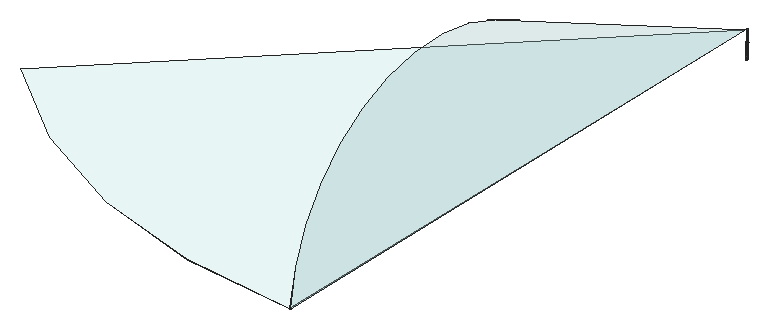
Revit family "Rotor 5000 Series - 5012+PCSAMR", category Acessórios do tubo, Revit 2020
Family settings
  Cota do conector redondo = Utilizar diâmetro
  Tipo de parte = Normal
  Número OmniClass = 23.60.30.11.14
  Título OmniClass = Pipework Fittings
  Com base no plano de trabalho = Não
  Sempre na vertical = Sim
  Corte com vazios quando carregada = Não
  Compartilhado = Não
Parameters (values of type "Rain Curtain 6.0")
  Water = Water
  URL = "https://www.rainbird.com/"
  TABLE 65 = "TABLE 65psi"
  TABLE 55 75 = "TABLE 55 75psi"
  TABLE 55 = "TABLE 55psi"
  TABLE 45 = "TABLE 45psi"
  TABLE 35 = "TABLE 35psi"
  TABLE 25 = "TABLE 25psi"
  SupportProjetos: Reviw Date = ""  # constant formula
  SupportProjetos: Reviw = "R00"  # constant formula
  SupportProjetos: Level of Detail = "LOD 300"  # constant formula
  SupportProjetos: Developed = "MICHEL SOARES MOTA"  # constant formula
  SupportProjetos: Creation Date = "07/08/2020"  # constant formula
  Side inlet = no
  Rotation Water Visibility [instance] = Pop up on  # yes
  Rotation Angle [instance] = 45.00°
  RainBird: Product Link = "https://www.rainbird.com/"
  RainBird: Description = "5012+PC-SAM-R Rotor "  # constant formula
  RainBird: Comment [instance] = ""
  RainBird: Code = "Y66050"  # constant formula
  Radius [instance] = if(and(Pressure = 25.0 psi, Instance < 25 ft), size_lookup(TABLE 25, "Radius", 0 ft, Instance), if(and(Pressure = 35.0 psi, Instance < 25 ft), size_lookup(TABLE 35, "Radius", 0 ft, Instance), if(and(Pressure = 45.0 psi, Instance < 25 ft), size_lookup(TABLE 45, "Radius", 0 ft, Instance), if(and(Pressure = 55.0 psi, Instance < 13 ft), size_lookup(TABLE 55, "Radius", 0 ft, Instance), if(and(Pressure = 65.0 psi, Instance < 13 ft), size_lookup(TABLE 65, "Radius", 0 ft, Instance), if(and(Pressure > 55.0 psi, Instance > 13 ft), size_lookup(TABLE 55 75, "Radius", 0 ft, Instance), 0 ft))))))  # 50 ft
  RT = 0.009893 ft
  RN = 0.032808 ft
  R5 = 0.03937 ft
  R4 = 0.04101 ft
  R3 = 0.065617 ft
  R2 = 0.075407 ft
  R1 = 0.032808 ft
  Pressure [instance] = 55.0 psi
  Pop up height = 1.001 ft  # constant formula
  Pop up on [instance] = yes
  Modelo = "5012+PCSAMR"  # constant formula
  Instance = 7 ft
  H1 = Body height / 3  # 0.469 ft
  Flow [instance] = if(and(Pressure = 25.0 psi, Instance < 25 ft), size_lookup(TABLE 25, "Flow", 0.0 GPM, Instance), if(and(Pressure = 35.0 psi, Instance < 25 ft), size_lookup(TABLE 35, "Flow", 0.0 GPM, Instance), if(and(Pressure = 45.0 psi, Instance < 25 ft), size_lookup(TABLE 45, "Flow", 0.0 GPM, Instance), if(and(Pressure = 55.0 psi, Instance < 13 ft), size_lookup(TABLE 55, "Flow", 0.0 GPM, Instance), if(and(Pressure = 65.0 psi, Instance < 13 ft), size_lookup(TABLE 65, "Flow", 0.0 GPM, Instance), if(and(Pressure > 55.0 psi, Instance > 13 ft), size_lookup(TABLE 55 75, "Flow", 0.0 GPM, Instance), 0.0 GPM))))))  # 6.63 GPM
  Fabricante = "Rain Bird"
  Elevação padrão = 0 ft
  Description = RainBird: Description  # "5012+PC-SAM-R Rotor "
  DD13 = 0.002625 ft
  DD12 = 0.003937 ft
  DD11 = 0.009897 ft
  DD10 = 0.016404 ft
  DD8 [instance] = if(Pop up on, Pop up height, 0 ft)  # 1.001 ft
  DD7 = 0.019685 ft
  DD6 [instance] = 0.016404 ft
  DD5 = 0.065617 ft
  DD4 = 0.032808 ft
  DD3 = 0.091048 ft
  DD2 [instance] = 0.024514 ft
  DD9 [instance] = if(Pop up on, Pop up height + 0.049541 ft, 0 ft)  # 1.050541 ft
  DD1 = 0.006562 ft
  Conection = 0.062664 ft  # constant formula
  Body height = 1.407 ft  # constant formula
  Blue = Blue Plastic
  Black Plastic = Black Plastic
  Angle = 25.00°
Types (25, lengths in ft): name | Rotation Angle | Radius | Pressure | Instance | Flow
  (no name) | 45.00° | 50 | 55.0 psi | 7 | 6.63 GPM
  Rain Curtain 1.5 | 180.00° | 33 | 25.0 psi | 1 | 1.12 GPM
  Rain Curtain 2.0 | 180.00° | 35 | 25.0 psi | 2 | 1.5 GPM
  Rain Curtain 3.0 | 180.00° | 36 | 25.0 psi | 4 | 2.26 GPM
  Rain Curtain 4.0 | 180.00° | 36 | 25.0 psi | 5 | 2.91 GPM
  Rain Curtain 5.0 | 180.00° | 37 | 25.0 psi | 6 | 3.72 GPM
  Rain Curtain 6.0 | 45.00° | 50 | 55.0 psi | 7 | 6.63 GPM
  Rain Curtain 8.0 | 180.00° | 33 | 25.0 psi | 8 | 5.9 GPM
  Rain Curtain 2.5 | 180.00° | 35 | 25.0 psi | 3 | 1.81 GPM
  1.0 LA | 180.00° | 25 | 25.0 psi | 9 | 0.76 GPM
  1.5 LA | 180.00° | 27 | 25.0 psi | 10 | 1.15 GPM
  2.0 LA | 180.00° | 29 | 25.0 psi | 11 | 1.47 GPM
  3.0 LA | 180.00° | 29 | 25.0 psi | 12 | 2.23 GPM
  PRS Rain Curtain 1.5 | 180.00° | 33 | 25.0 psi | 13 | 1.12 GPM
  PRS Rain Curtain 2.0 | 180.00° | 35 | 25.0 psi | 14 | 1.5 GPM
  PRS Rain Curtain 2.5 | 180.00° | 35 | 25.0 psi | 15 | 1.81 GPM
  PRS Rain Curtain 3.0 | 180.00° | 36 | 25.0 psi | 16 | 2.26 GPM
  PRS Rain Curtain 4.0 | 180.00° | 36 | 25.0 psi | 17 | 2.91 GPM
  PRS Rain Curtain 5.0 | 180.00° | 37 | 25.0 psi | 18 | 3.72 GPM
  PRS Rain Curtain 6.0 | 180.00° | 37 | 25.0 psi | 19 | 4.25 GPM
  PRS Rain Curtain 8.0 | 180.00° | 33 | 25.0 psi | 20 | 5.9 GPM
  PRS 1.0 LA | 180.00° | 25 | 25.0 psi | 21 | 0.76 GPM
  PRS 1.5 LA | 180.00° | 27 | 25.0 psi | 22 | 1.15 GPM
  PRS 2.0 LA | 180.00° | 29 | 25.0 psi | 23 | 1.47 GPM
  PRS 3.0 LA | 180.00° | 29 | 25.0 psi | 24 | 2.23 GPM
Reference planes (ft)
  plane 1 "Centro (Frente/Trás)": y = 0
  plane 2: z = 0
  plane 3 "Centro (Esquerda/Direita)": x = 0
  plane 4: z = 0.003937
  plane 5: z = 0.002625
  plane 6: y = -0.065617
Forms (ft)
  Revolve 1, solid, material "Black Plastic" <- "Black Plastic"
    sketch origin (0, 0, 0) x (1, 0, 0) y (0, 0, 1)
      loop
        line (0.075407, -0.091048) -> (0.075407, -0.035324)
        arc (0.075407, -0.035324) -> (0.072509, -0.028329) -> (0.065514, -0.025431) r 0.009893
        line (0.065514, -0.025431) -> (0.046098, -0.025431) -> (0.046098, 0) -> (0.03937, 0) -> (0.03937, -1.001) -> (0.019685, -1.001) -> (0.019685, -1.400438) -> (0.032808, -1.400438) -> (0.032808, -1.407) -> (0.04101, -1.407) -> (0.04101, -1.400438) -> (0.055724, -1.400438)
        arc (0.055724, -1.400438) -> (0.062719, -1.397541) -> (0.065617, -1.390545) r 0.009893
        line (0.065617, -1.390545) -> (0.065617, -0.091048) -> (0.075407, -0.091048)
      axis (0, -1.407) -> (0, 0)
    angle from 0 to 360
  Extrusion 2, solid, material "Black Plastic" <- "Black Plastic"
    sketch origin (0, 0, 0) x (1, 0, 0) y (0, 1, 0)
      loop
        circle (0, 0) r 0.032808
    from -1.001 to 1.001
  Extrusion 3, void
    sketch origin (0, 0, 0) x (1, 0, 0) y (0, 1, 0)
      loop
        circle (0, 0) r 0.022844
    from -1.001 to 1.001
  Revolve 4, solid, material "Black Plastic" <- "Black Plastic"
    sketch origin (0, 0, 0) x (1, 0, 0) y (0, 0, 1)
      loop
        line (0, 1.001) -> (0.037004, 1.001) -> (0.037004, 1.010897)
        arc (0.037004, 1.010897) -> (0.01879, 1.01579) -> (0, 1.017404) r 0.10685
        line (0, 1.017404) -> (0, 1.001)
      axis (0, 1.001) -> (0, 1.017404)
    angle from 0 to 360
  Extrusion 5, solid, material "Blue Plastic" <- "Blue"
    sketch origin (0, 0, 0) x (1, 0, 0) y (0, 0, 1)
      loop
        circle (0, 0.976486) r 0.009129
      loop
        circle (0, 0.976486) r 0.004793
    from 0 to 0.034386
  Extrusion 6, void
    sketch origin (0, 0, 0) x (1, 0, 0) y (0, 0, 1)
      loop
        line (-0.02074, 0.328055) -> (-0.02074, 0.282426) -> (0.020672, 0.282426) -> (0.020672, 0.328055) -> (-0.02074, 0.328055)
      loop
        line (-0.018439, 0.325179) -> (-0.018439, 0.285685) -> (0.018179, 0.285685) -> (0.018179, 0.325179) -> (-0.018439, 0.325179)
    from 0.024556 to 0.06931
  Extrusion 7, solid, material "Black Plastic" <- "Black Plastic"
    sketch origin (0, 0, 0) x (1, 0, 0) y (0, 0, 1)
      loop
        line (0.046098, 0) -> (0.046098, -0.036876) -> (0.073493, -0.036876) -> (0.046098, 0)
    from -0.002998 to 0.002998
  Extrusion 8, solid, material "Black Plastic" <- "Black Plastic"
    sketch origin (0, 0, 0) x (-1, 0, 0) y (0, 0, -1)
      loop
        line (0.046098, 0) -> (0.073493, 0.036876) -> (0.046098, 0.036876) -> (0.046098, 0)
    from -0.002998 to 0.002998
  Extrusion 9, solid, material "Black Plastic" <- "Black Plastic"
    sketch origin (0, 0, 0) x (0.866025, 0.5, 0) y (0, 0, 1)
      loop
        line (0.046098, 0) -> (0.046098, -0.036876) -> (0.073493, -0.036876) -> (0.046098, 0)
    from -0.002998 to 0.002998
  Extrusion 10, solid, material "Black Plastic" <- "Black Plastic"
    sketch origin (0, 0, 0) x (-0.866025, -0.5, 0) y (0, 0, -1)
      loop
        line (0.046098, 0) -> (0.073493, 0.036876) -> (0.046098, 0.036876) -> (0.046098, 0)
    from -0.002998 to 0.002998
  Extrusion 11, solid, material "Black Plastic" <- "Black Plastic"
    sketch origin (0, 0, 0) x (0, 1, 0) y (0, 0, 1)
      loop
        line (0.046098, 0) -> (0.046098, -0.036876) -> (0.073493, -0.036876) -> (0.046098, 0)
    from -0.002998 to 0.002998
  Extrusion 12, solid, material "Black Plastic" <- "Black Plastic"
    sketch origin (0, 0, 0) x (0, -1, 0) y (0, 0, -1)
      loop
        line (0.046098, 0) -> (0.073493, 0.036876) -> (0.046098, 0.036876) -> (0.046098, 0)
    from -0.002998 to 0.002998
  Extrusion 13, solid, material "Black Plastic" <- "Black Plastic"
    sketch origin (0, 0, 0) x (0.5, 0.866025, 0) y (0, 0, 1)
      loop
        line (0.046098, 0) -> (0.046098, -0.036876) -> (0.073493, -0.036876) -> (0.046098, 0)
    from -0.002998 to 0.002998
  Extrusion 14, solid, material "Black Plastic" <- "Black Plastic"
    sketch origin (0, 0, 0) x (-0.5, -0.866025, 0) y (0, 0, -1)
      loop
        line (0.046098, 0) -> (0.073493, 0.036876) -> (0.046098, 0.036876) -> (0.046098, 0)
    from -0.002998 to 0.002998
  Extrusion 15, solid, material "Black Plastic" <- "Black Plastic"
    sketch origin (0, 0, 0) x (-0.5, 0.866025, 0) y (0, 0, 1)
      loop
        line (0.046098, 0) -> (0.046098, -0.036876) -> (0.073493, -0.036876) -> (0.046098, 0)
    from -0.002998 to 0.002998
  Extrusion 16, solid, material "Black Plastic" <- "Black Plastic"
    sketch origin (0, 0, 0) x (0.5, -0.866025, 0) y (0, 0, -1)
      loop
        line (0.046098, 0) -> (0.073493, 0.036876) -> (0.046098, 0.036876) -> (0.046098, 0)
    from -0.002998 to 0.002998
  Extrusion 17, solid, material "Black Plastic" <- "Black Plastic"
    sketch origin (0, 0, 0) x (-0.866025, 0.5, 0) y (0, 0, 1)
      loop
        line (0.046098, 0) -> (0.046098, -0.036876) -> (0.073493, -0.036876) -> (0.046098, 0)
    from -0.002998 to 0.002998
  Extrusion 18, solid, material "Black Plastic" <- "Black Plastic"
    sketch origin (0, 0, 0) x (0.866025, -0.5, 0) y (0, 0, -1)
      loop
        line (0.046098, 0) -> (0.073493, 0.036876) -> (0.046098, 0.036876) -> (0.046098, 0)
    from -0.002998 to 0.002998
  Extrusion 19, void
    sketch origin (0, 0, 0) x (1, 0, 0) y (0, 1, 0)
      loop
        line (-0.002998, 0.077702) -> (-0.002998, 0.071655) -> (0.002998, 0.071655) -> (0.002998, 0.077702) -> (-0.002998, 0.077702)
    from -0.091048 to 0.82021
  Extrusion 20, void
    sketch origin (0, 0, 0) x (1, 0, 0) y (0, 1, 0)
      loop
        line (0.002998, -0.077702) -> (0.002998, -0.071655) -> (-0.002998, -0.071655) -> (-0.002998, -0.077702) -> (0.002998, -0.077702)
    from -0.091048 to 0.82021
  Extrusion 21, void
    sketch origin (0, 0, 0) x (0.965926, 0.258819, 0) y (-0.258819, 0.965926, 0)
      loop
        line (-0.002998, 0.077702) -> (-0.002998, 0.071655) -> (0.002998, 0.071655) -> (0.002998, 0.077702) -> (-0.002998, 0.077702)
    from -0.091048 to 0.82021
  Extrusion 22, void
    sketch origin (0, 0, 0) x (0.965926, 0.258819, 0) y (-0.258819, 0.965926, 0)
      loop
        line (0.002998, -0.077702) -> (0.002998, -0.071655) -> (-0.002998, -0.071655) -> (-0.002998, -0.077702) -> (0.002998, -0.077702)
    from -0.091048 to 0.82021
  Extrusion 23, void
    sketch origin (0, 0, 0) x (0.866025, 0.5, 0) y (-0.5, 0.866025, 0)
      loop
        line (-0.002998, 0.077702) -> (-0.002998, 0.071655) -> (0.002998, 0.071655) -> (0.002998, 0.077702) -> (-0.002998, 0.077702)
    from -0.091048 to 0.82021
  Extrusion 24, void
    sketch origin (0, 0, 0) x (0.866025, 0.5, 0) y (-0.5, 0.866025, 0)
      loop
        line (0.002998, -0.077702) -> (0.002998, -0.071655) -> (-0.002998, -0.071655) -> (-0.002998, -0.077702) -> (0.002998, -0.077702)
    from -0.091048 to 0.82021
  Extrusion 25, void
    sketch origin (0, 0, 0) x (0.5, 0.866025, 0) y (-0.866025, 0.5, 0)
      loop
        line (-0.002998, 0.077702) -> (-0.002998, 0.071655) -> (0.002998, 0.071655) -> (0.002998, 0.077702) -> (-0.002998, 0.077702)
    from -0.091048 to 0.82021
  Extrusion 26, void
    sketch origin (0, 0, 0) x (0.5, 0.866025, 0) y (-0.866025, 0.5, 0)
      loop
        line (0.002998, -0.077702) -> (0.002998, -0.071655) -> (-0.002998, -0.071655) -> (-0.002998, -0.077702) -> (0.002998, -0.077702)
    from -0.091048 to 0.82021
  Extrusion 27, void
    sketch origin (0, 0, 0) x (0.707107, 0.707107, 0) y (-0.707107, 0.707107, 0)
      loop
        line (-0.002998, 0.077702) -> (-0.002998, 0.071655) -> (0.002998, 0.071655) -> (0.002998, 0.077702) -> (-0.002998, 0.077702)
    from -0.091048 to 0.82021
  Extrusion 28, void
    sketch origin (0, 0, 0) x (0.707107, 0.707107, 0) y (-0.707107, 0.707107, 0)
      loop
        line (0.002998, -0.077702) -> (0.002998, -0.071655) -> (-0.002998, -0.071655) -> (-0.002998, -0.077702) -> (0.002998, -0.077702)
    from -0.091048 to 0.82021
  Extrusion 29, void
    sketch origin (0, 0, 0) x (0.258819, 0.965926, 0) y (-0.965926, 0.258819, 0)
      loop
        line (-0.002998, 0.077702) -> (-0.002998, 0.071655) -> (0.002998, 0.071655) -> (0.002998, 0.077702) -> (-0.002998, 0.077702)
    from -0.091048 to 0.82021
  Extrusion 30, void
    sketch origin (0, 0, 0) x (0.258819, 0.965926, 0) y (-0.965926, 0.258819, 0)
      loop
        line (0.002998, -0.077702) -> (0.002998, -0.071655) -> (-0.002998, -0.071655) -> (-0.002998, -0.077702) -> (0.002998, -0.077702)
    from -0.091048 to 0.82021
  Extrusion 31, void
    sketch origin (0, 0, 0) x (0, 1, 0) y (-1, 0, 0)
      loop
        line (-0.002998, 0.077702) -> (-0.002998, 0.071655) -> (0.002998, 0.071655) -> (0.002998, 0.077702) -> (-0.002998, 0.077702)
    from -0.091048 to 0.82021
  Extrusion 32, void
    sketch origin (0, 0, 0) x (0, 1, 0) y (-1, 0, 0)
      loop
        line (0.002998, -0.077702) -> (0.002998, -0.071655) -> (-0.002998, -0.071655) -> (-0.002998, -0.077702) -> (0.002998, -0.077702)
    from -0.091048 to 0.82021
  Extrusion 33, void
    sketch origin (0, 0, 0) x (-0.258819, 0.965926, 0) y (-0.965926, -0.258819, 0)
      loop
        line (-0.002998, 0.077702) -> (-0.002998, 0.071655) -> (0.002998, 0.071655) -> (0.002998, 0.077702) -> (-0.002998, 0.077702)
    from -0.091048 to 0.82021
  Extrusion 34, void
    sketch origin (0, 0, 0) x (-0.258819, 0.965926, 0) y (-0.965926, -0.258819, 0)
      loop
        line (0.002998, -0.077702) -> (0.002998, -0.071655) -> (-0.002998, -0.071655) -> (-0.002998, -0.077702) -> (0.002998, -0.077702)
    from -0.091048 to 0.82021
  Extrusion 35, void
    sketch origin (0, 0, 0) x (-0.5, 0.866025, 0) y (-0.866025, -0.5, 0)
      loop
        line (-0.002998, 0.077702) -> (-0.002998, 0.071655) -> (0.002998, 0.071655) -> (0.002998, 0.077702) -> (-0.002998, 0.077702)
    from -0.091048 to 0.82021
  Extrusion 36, void
    sketch origin (0, 0, 0) x (-0.5, 0.866025, 0) y (-0.866025, -0.5, 0)
      loop
        line (0.002998, -0.077702) -> (0.002998, -0.071655) -> (-0.002998, -0.071655) -> (-0.002998, -0.077702) -> (0.002998, -0.077702)
    from -0.091048 to 0.82021
  Extrusion 37, void
    sketch origin (0, 0, 0) x (-0.707107, 0.707107, 0) y (-0.707107, -0.707107, 0)
      loop
        line (-0.002998, 0.077702) -> (-0.002998, 0.071655) -> (0.002998, 0.071655) -> (0.002998, 0.077702) -> (-0.002998, 0.077702)
    from -0.091048 to 0.82021
  Extrusion 38, void
    sketch origin (0, 0, 0) x (-0.707107, 0.707107, 0) y (-0.707107, -0.707107, 0)
      loop
        line (0.002998, -0.077702) -> (0.002998, -0.071655) -> (-0.002998, -0.071655) -> (-0.002998, -0.077702) -> (0.002998, -0.077702)
    from -0.091048 to 0.82021
  Extrusion 39, void
    sketch origin (0, 0, 0) x (-0.866025, 0.5, 0) y (-0.5, -0.866025, 0)
      loop
        line (-0.002998, 0.077702) -> (-0.002998, 0.071655) -> (0.002998, 0.071655) -> (0.002998, 0.077702) -> (-0.002998, 0.077702)
    from -0.091048 to 0.82021
  Extrusion 40, void
    sketch origin (0, 0, 0) x (-0.866025, 0.5, 0) y (-0.5, -0.866025, 0)
      loop
        line (0.002998, -0.077702) -> (0.002998, -0.071655) -> (-0.002998, -0.071655) -> (-0.002998, -0.077702) -> (0.002998, -0.077702)
    from -0.091048 to 0.82021
  Extrusion 41, void
    sketch origin (0, 0, 0) x (-0.965926, 0.258819, 0) y (-0.258819, -0.965926, 0)
      loop
        line (-0.002998, 0.077702) -> (-0.002998, 0.071655) -> (0.002998, 0.071655) -> (0.002998, 0.077702) -> (-0.002998, 0.077702)
    from -0.091048 to 0.82021
  Extrusion 42, void
    sketch origin (0, 0, 0) x (-0.965926, 0.258819, 0) y (-0.258819, -0.965926, 0)
      loop
        line (0.002998, -0.077702) -> (0.002998, -0.071655) -> (-0.002998, -0.071655) -> (-0.002998, -0.077702) -> (0.002998, -0.077702)
    from -0.091048 to 0.82021
  Extrusion 43, solid, material "Water" <- "Water", visible <- "Rotation Water Visibility"
    sketch origin (0, 0, 0) x (0, 1, 0) y (0, 0, 1)
      loop
        line (-0.032808, 0.976486) -> (-27.537562, 13.802163)
        arc (-27.537562, 13.802163) -> (-42.101455, 13.205804) -> (-50.032808, 0.976486) r 15.866188
        line (-50.032808, 0.976486) -> (-0.032808, 0.976486)
    from -0.008202 to 0.008202
Cuts and joins
  Extrusion 3, Extrusion 6 cuts Extrusion 2
  Extrusion 19, Extrusion 20, Extrusion 21, Extrusion 22, Extrusion 23, Extrusion 24, Extrusion 25, Extrusion 26, Extrusion 27, Extrusion 28, Extrusion 29, Extrusion 30, Extrusion 31, Extrusion 32, Extrusion 33, Extrusion 34, Extrusion 35, Extrusion 36, Extrusion 37, Extrusion 38, Extrusion 39, Extrusion 40, Extrusion 41, Extrusion 42 cuts Revolve 1
Dimensions and locks (ft)
  "Body height": level to Revolve 1 sketch curve
  "R2": Revolve 1 sketch curve to plane 3 "Centro (Esquerda/Direita)"
  "DD1": Revolve 1 sketch curve to Revolve 1 sketch curve
  "DD3": level to Revolve 1 sketch curve
  Revolve 1 sketch curve to plane 3 "Centro (Esquerda/Direita)" = 0.065617 ft
  "R4": Revolve 1 sketch curve to plane 3 "Centro (Esquerda/Direita)"
  "RN": Revolve 1 sketch curve to plane 3 "Centro (Esquerda/Direita)"
  "Pop up height": level to Revolve 1 sketch curve
  "R5": plane 3 "Centro (Esquerda/Direita)" to Revolve 1 sketch curve
  "DD7": Revolve 1 sketch curve to plane 3 "Centro (Esquerda/Direita)"
  "DD8": Extrusion 2 to level
  "DD12": plane 4 to level
  "DD13": plane 5 to level
  "R3": plane 6 to plane 1 "Centro (Frente/Trás)"
  "DD5": Revolve 1 sketch curve to Revolve 1 sketch curve
  "DD10": Revolve 4 sketch curve to Revolve 4 sketch curve
  "DD11": Revolve 4 sketch curve to Revolve 4 sketch curve
  "DD2": Revolve 4 to Extrusion 5 sketch curve  (x2)
  Extrusion 7 to plane 3 "Centro (Esquerda/Direita)" = 0.046098 ft
  equal spacing: Extrusion 7, plane 1 "Centro (Frente/Trás)", Extrusion 7
  Extrusion 8 to Extrusion 8 = 0.005995 ft
  Extrusion 9 to Extrusion 9 = 0.005995 ft
  Extrusion 20 sketch curve to Extrusion 20 sketch curve = 0.005995 ft
  Extrusion 22 sketch curve to Extrusion 22 sketch curve = 0.005995 ft
  Extrusion 24 sketch curve to Extrusion 24 sketch curve = 0.005995 ft
  Extrusion 26 sketch curve to Extrusion 26 sketch curve = 0.005995 ft
  Extrusion 28 sketch curve to Extrusion 28 sketch curve = 0.005995 ft
  Extrusion 30 sketch curve to Extrusion 30 sketch curve = 0.005995 ft
  Extrusion 32 sketch curve to Extrusion 32 sketch curve = 0.005995 ft
  Extrusion 34 sketch curve to Extrusion 34 sketch curve = 0.005995 ft
  Extrusion 36 sketch curve to Extrusion 36 sketch curve = 0.005995 ft
  Extrusion 38 sketch curve to Extrusion 38 sketch curve = 0.005995 ft
  Extrusion 40 sketch curve to Extrusion 40 sketch curve = 0.005995 ft
  Extrusion 42 sketch curve to Extrusion 42 sketch curve = 0.005995 ft
  "DD4": plane 1 "Centro (Frente/Trás)" to Extrusion 43 sketch curve
  "DD2": Revolve 4 to Extrusion 43 sketch curve
  "Radius": Extrusion 43 sketch curve to Extrusion 43 sketch curve
  equal spacing: Extrusion 43, plane 3 "Centro (Esquerda/Direita)", Extrusion 43
  "DD6": Extrusion 43 to Extrusion 43
  "DD2": Revolve 4 to nested 1
  "RT": radius of Revolve 1 sketch curve  (x2)
  "R1": radius of Extrusion 2 sketch curve
  "Angle": angle Extrusion 43 sketch curve to Extrusion 43 sketch curve
  aligned and locked: level to plane 2
  aligned and locked: Revolve 1 sketch curve to Revolve 1 sketch curve
  aligned and locked: Extrusion 2 to Revolve 1
  aligned and locked: cut or joined group of Extrusion 2, Extrusion 3, Extrusion 6 to cut or joined group of Extrusion 2, Extrusion 3, Extrusion 6  (x2)
  aligned and locked: Revolve 4 sketch curve to cut or joined group of Extrusion 2, Extrusion 3, Extrusion 6
  aligned and locked: Extrusion 20 to Revolve 1
  aligned and locked: Extrusion 22 to Revolve 1
  aligned and locked: Extrusion 24 to Revolve 1
  aligned and locked: Extrusion 28 to Revolve 1
  aligned and locked: Extrusion 26 to Revolve 1
  aligned and locked: Extrusion 30 to Revolve 1
  aligned and locked: Extrusion 32 to Revolve 1
  aligned and locked: Extrusion 34 to Revolve 1
  aligned and locked: Revolve 1 to Extrusion 36
  aligned and locked: Revolve 1 to Extrusion 38
  aligned and locked: Extrusion 41 to Revolve 1
  aligned and locked: Extrusion 39 to Revolve 1
  aligned and locked: Extrusion 37 to Revolve 1
  aligned and locked: Extrusion 35 to Revolve 1
  aligned and locked: Extrusion 33 to Revolve 1
  aligned and locked: Extrusion 31 to Revolve 1
  aligned and locked: Extrusion 29 to Revolve 1
  aligned and locked: Revolve 1 to Extrusion 25
  aligned and locked: Revolve 1 to Extrusion 27
  aligned and locked: Revolve 1 to Extrusion 19
  aligned and locked: Revolve 1 to Extrusion 21
  aligned and locked: Revolve 1 to Extrusion 42
  aligned and locked: Revolve 1 to Extrusion 40
  aligned and locked: Revolve 1 to Extrusion 23
Automatic sketch dimensions
  plane 1 "Centro (Frente/Trás)" to Extrusion 2 sketch curve = 0 ft
  Extrusion 2 sketch curve to plane 3 "Centro (Esquerda/Direita)" = 0 ft
  plane 1 "Centro (Frente/Trás)" to Extrusion 3 sketch curve = 0 ft
  Extrusion 3 sketch curve to plane 3 "Centro (Esquerda/Direita)" = 0 ft
  Revolve 4 sketch curve to plane 3 "Centro (Esquerda/Direita)" = 0 ft  (x2)
  plane 3 "Centro (Esquerda/Direita)" to Revolve 4 sketch curve = 0.000284 ft
  plane 3 "Centro (Esquerda/Direita)" to Revolve 4 sketch curve = 0.037004 ft
  Revolve 4 sketch curve to Revolve 4 sketch curve = 0.015719 ft
  Revolve 4 sketch curve to Revolve 4 sketch curve = 0.114829 ft
  Extrusion 5 sketch curve to Extrusion 5 sketch curve = 0 ft
  Extrusion 5 sketch curve to plane 3 "Centro (Esquerda/Direita)" = 0 ft
  Extrusion 6 sketch curve to plane 3 "Centro (Esquerda/Direita)" = 0.02074 ft
  Extrusion 6 sketch curve to Extrusion 6 sketch curve = 0.002301 ft
  plane 3 "Centro (Esquerda/Direita)" to Extrusion 6 sketch curve = 0.018179 ft
  Extrusion 6 sketch curve to Extrusion 6 sketch curve = 0.002492 ft
  plane 4 to Extrusion 6 sketch curve = 0.278489 ft
  Extrusion 6 sketch curve to Extrusion 6 sketch curve = 0.003259 ft
  Extrusion 6 sketch curve to Extrusion 6 sketch curve = 0.039494 ft
  Extrusion 6 sketch curve to Extrusion 6 sketch curve = 0.002876 ft
  Extrusion 7 sketch curve to level = 0 ft
  plane 3 "Centro (Esquerda/Direita)" to Extrusion 7 sketch curve = 0.046098 ft
  Extrusion 7 sketch curve to Extrusion 7 sketch curve = 0.027396 ft
  Extrusion 7 sketch curve to Extrusion 7 sketch curve = 0.036876 ft
  Extrusion 8 sketch curve to level = 0 ft
  plane 3 "Centro (Esquerda/Direita)" to Extrusion 8 sketch curve = 0.046098 ft
  Extrusion 8 sketch curve to Extrusion 8 sketch curve = 0.027396 ft
  Extrusion 8 sketch curve to Extrusion 8 sketch curve = 0.036876 ft
  Extrusion 9 sketch curve to level = 0 ft
  Extrusion 9 sketch curve to level = 0.036876 ft
  Extrusion 9 sketch curve to Extrusion 9 sketch curve = 0.027396 ft
  Extrusion 10 sketch curve to level = 0 ft
  Extrusion 10 sketch curve to level = 0.036876 ft
  Extrusion 10 sketch curve to Extrusion 10 sketch curve = 0.027396 ft
  Extrusion 11 sketch curve to level = 0 ft
  Extrusion 11 sketch curve to plane 1 "Centro (Frente/Trás)" = 0.046098 ft
  Extrusion 11 sketch curve to Extrusion 11 sketch curve = 0.027396 ft
  Extrusion 11 sketch curve to Extrusion 11 sketch curve = 0.036876 ft
  Extrusion 12 sketch curve to level = 0 ft
  plane 6 to Extrusion 12 sketch curve = 0.019519 ft
  Extrusion 12 sketch curve to plane 6 = 0.007877 ft
  Extrusion 12 sketch curve to level = 0.036876 ft
  Extrusion 13 sketch curve to level = 0 ft
  Extrusion 13 sketch curve to level = 0.036876 ft
  Extrusion 13 sketch curve to Extrusion 13 sketch curve = 0.027396 ft
  Extrusion 14 sketch curve to level = 0 ft
  Extrusion 14 sketch curve to level = 0.036876 ft
  Extrusion 14 sketch curve to Extrusion 14 sketch curve = 0.027396 ft
  level to Extrusion 15 sketch curve = 0 ft
  Extrusion 15 sketch curve to level = 0.036876 ft
  Extrusion 15 sketch curve to Extrusion 15 sketch curve = 0.027396 ft
  level to Extrusion 16 sketch curve = 0 ft
  Extrusion 16 sketch curve to level = 0.036876 ft
  Extrusion 16 sketch curve to Extrusion 16 sketch curve = 0.027396 ft
  level to Extrusion 17 sketch curve = 0 ft
  Extrusion 17 sketch curve to level = 0.036876 ft
  Extrusion 17 sketch curve to Extrusion 17 sketch curve = 0.027396 ft
  level to Extrusion 18 sketch curve = 0 ft
  Extrusion 18 sketch curve to level = 0.036876 ft
  Extrusion 18 sketch curve to Extrusion 18 sketch curve = 0.027396 ft
  Extrusion 19 sketch curve to plane 3 "Centro (Esquerda/Direita)" = 0.002998 ft
  Extrusion 19 sketch curve to plane 1 "Centro (Frente/Trás)" = 0.071655 ft
  Extrusion 19 sketch curve to Extrusion 19 sketch curve = 0.006047 ft
  plane 3 "Centro (Esquerda/Direita)" to Extrusion 20 sketch curve = 0.002998 ft
  plane 6 to Extrusion 20 sketch curve = 0.006038 ft
  Extrusion 20 sketch curve to Extrusion 20 sketch curve = 0.006047 ft
  plane 3 "Centro (Esquerda/Direita)" to Extrusion 19 sketch curve = 0.002998 ft
  Extrusion 21 sketch curve to plane 3 "Centro (Esquerda/Direita)" = 0.021441 ft
  Extrusion 21 sketch curve to plane 1 "Centro (Frente/Trás)" = 0.068438 ft
  Extrusion 21 sketch curve to Extrusion 21 sketch curve = 0.005995 ft
  Extrusion 21 sketch curve to Extrusion 21 sketch curve = 0.006047 ft
  Extrusion 22 sketch curve to plane 6 = 0.010213 ft
  plane 3 "Centro (Esquerda/Direita)" to Extrusion 22 sketch curve = 0.017215 ft
  Extrusion 22 sketch curve to Extrusion 22 sketch curve = 0.006047 ft
  Extrusion 23 sketch curve to plane 3 "Centro (Esquerda/Direita)" = 0.038424 ft
  Extrusion 23 sketch curve to plane 1 "Centro (Frente/Trás)" = 0.060556 ft
  Extrusion 23 sketch curve to Extrusion 23 sketch curve = 0.005995 ft
  Extrusion 23 sketch curve to Extrusion 23 sketch curve = 0.006047 ft
  Extrusion 24 sketch curve to plane 6 = 0.003174 ft
  plane 3 "Centro (Esquerda/Direita)" to Extrusion 24 sketch curve = 0.036255 ft
  Extrusion 24 sketch curve to Extrusion 24 sketch curve = 0.006047 ft
  Extrusion 25 sketch curve to plane 1 "Centro (Frente/Trás)" = 0.033231 ft
  Extrusion 25 sketch curve to plane 3 "Centro (Esquerda/Direita)" = 0.063554 ft
  Extrusion 25 sketch curve to Extrusion 25 sketch curve = 0.005995 ft
  Extrusion 25 sketch curve to Extrusion 25 sketch curve = 0.006047 ft
  Extrusion 26 sketch curve to plane 6 = 0.02417 ft
  Extrusion 26 sketch curve to plane 3 "Centro (Esquerda/Direita)" = 0.065793 ft
  Extrusion 26 sketch curve to Extrusion 26 sketch curve = 0.006047 ft
  Extrusion 27 sketch curve to plane 1 "Centro (Frente/Trás)" = 0.048548 ft
  Extrusion 27 sketch curve to plane 3 "Centro (Esquerda/Direita)" = 0.052787 ft
  Extrusion 27 sketch curve to Extrusion 27 sketch curve = 0.005995 ft
  Extrusion 27 sketch curve to Extrusion 27 sketch curve = 0.006047 ft
  plane 6 to Extrusion 28 sketch curve = 0.008554 ft
  plane 3 "Centro (Esquerda/Direita)" to Extrusion 28 sketch curve = 0.052824 ft
  Extrusion 28 sketch curve to Extrusion 28 sketch curve = 0.006047 ft
  Extrusion 29 sketch curve to plane 1 "Centro (Frente/Trás)" = 0.01565 ft
  Extrusion 29 sketch curve to plane 3 "Centro (Esquerda/Direita)" = 0.069989 ft
  Extrusion 29 sketch curve to Extrusion 29 sketch curve = 0.005995 ft
  Extrusion 29 sketch curve to Extrusion 29 sketch curve = 0.006047 ft
  plane 1 "Centro (Frente/Trás)" to Extrusion 30 sketch curve = 0.023006 ft
  plane 3 "Centro (Esquerda/Direita)" to Extrusion 30 sketch curve = 0.074278 ft
  Extrusion 30 sketch curve to Extrusion 30 sketch curve = 0.006047 ft
  plane 1 "Centro (Frente/Trás)" to Extrusion 31 sketch curve = 0.002998 ft
  Extrusion 31 sketch curve to plane 1 "Centro (Frente/Trás)" = 0.002998 ft
  Extrusion 31 sketch curve to plane 3 "Centro (Esquerda/Direita)" = 0.071655 ft
  Extrusion 31 sketch curve to Extrusion 31 sketch curve = 0.006047 ft
  plane 1 "Centro (Frente/Trás)" to Extrusion 32 sketch curve = 0.002998 ft
  plane 3 "Centro (Esquerda/Direita)" to Extrusion 32 sketch curve = 0.077702 ft
  Extrusion 32 sketch curve to Extrusion 32 sketch curve = 0.006047 ft
  plane 1 "Centro (Frente/Trás)" to Extrusion 33 sketch curve = 0.021441 ft
  Extrusion 33 sketch curve to plane 3 "Centro (Esquerda/Direita)" = 0.068438 ft
  Extrusion 33 sketch curve to Extrusion 33 sketch curve = 0.005995 ft
  Extrusion 33 sketch curve to Extrusion 33 sketch curve = 0.006047 ft
  Extrusion 34 sketch curve to plane 1 "Centro (Frente/Trás)" = 0.017215 ft
  plane 3 "Centro (Esquerda/Direita)" to Extrusion 34 sketch curve = 0.07583 ft
  Extrusion 34 sketch curve to Extrusion 34 sketch curve = 0.006047 ft
  plane 6 to Extrusion 35 sketch curve = 0.027193 ft
  Extrusion 35 sketch curve to plane 3 "Centro (Esquerda/Direita)" = 0.060556 ft
  Extrusion 35 sketch curve to Extrusion 35 sketch curve = 0.005995 ft
  Extrusion 35 sketch curve to Extrusion 35 sketch curve = 0.006047 ft
  Extrusion 36 sketch curve to plane 1 "Centro (Frente/Trás)" = 0.036255 ft
  plane 3 "Centro (Esquerda/Direita)" to Extrusion 36 sketch curve = 0.068791 ft
  Extrusion 36 sketch curve to Extrusion 36 sketch curve = 0.006047 ft
  plane 6 to Extrusion 37 sketch curve = 0.012829 ft
  Extrusion 37 sketch curve to plane 3 "Centro (Esquerda/Direita)" = 0.048548 ft
  Extrusion 37 sketch curve to Extrusion 37 sketch curve = 0.005995 ft
  Extrusion 37 sketch curve to Extrusion 37 sketch curve = 0.006047 ft
  Extrusion 38 sketch curve to plane 1 "Centro (Frente/Trás)" = 0.052824 ft
  plane 3 "Centro (Esquerda/Direita)" to Extrusion 38 sketch curve = 0.057063 ft
  Extrusion 38 sketch curve to Extrusion 38 sketch curve = 0.006047 ft
  plane 6 to Extrusion 39 sketch curve = 0.002063 ft
  Extrusion 39 sketch curve to plane 3 "Centro (Esquerda/Direita)" = 0.033231 ft
  Extrusion 39 sketch curve to Extrusion 39 sketch curve = 0.005995 ft
  Extrusion 39 sketch curve to Extrusion 39 sketch curve = 0.006047 ft
  plane 3 "Centro (Esquerda/Direita)" to Extrusion 40 sketch curve = 0.041447 ft
  Extrusion 40 sketch curve to plane 1 "Centro (Frente/Trás)" = 0.065793 ft
  Extrusion 40 sketch curve to Extrusion 40 sketch curve = 0.006047 ft
  Extrusion 41 sketch curve to plane 6 = 0.004372 ft
  Extrusion 41 sketch curve to plane 3 "Centro (Esquerda/Direita)" = 0.01565 ft
  Extrusion 41 sketch curve to Extrusion 41 sketch curve = 0.005995 ft
  Extrusion 41 sketch curve to Extrusion 41 sketch curve = 0.006047 ft
  plane 3 "Centro (Esquerda/Direita)" to Extrusion 42 sketch curve = 0.023006 ft
  Extrusion 42 sketch curve to plane 1 "Centro (Frente/Trás)" = 0.074278 ft
  Extrusion 42 sketch curve to Extrusion 42 sketch curve = 0.006047 ft
  Revolve 1 sketch curve to plane 3 "Centro (Esquerda/Direita)" = 0 ft
  Revolve 1 sketch curve to level = 0 ft
  Revolve 1 sketch curve to Revolve 1 sketch curve = 0.019416 ft
  plane 4 to Revolve 1 sketch curve = 0.079347 ft
  Revolve 1 sketch curve to Revolve 1 sketch curve = 0.918635 ft
  Extrusion 43 sketch curve to level = 0.577487 ft
  radius of Extrusion 3 sketch curve = 0.022844 ft
  radius of Extrusion 5 sketch curve = 0.009129 ft
  radius of Extrusion 5 sketch curve = 0.004793 ft
Nested families (ft)
  nested 1: "Water" at (-0.000225, 0, 0.857227) x (0, -1, 0) z (0, 0, 1), DT9 <- "DD4", Radius <- "Radius", visible <- "Rotation Water Visibility", Rotation Angle <- "Rotation Angle", type "Water"
    with Rotation Angle 45.00°, Radius 50 ft, DT9 0.032808 ft, DT8 0 ft, DT7 200 ft, DT4 250 ft, Angle 2 315.00°
Connectors (ft)
  piping at (0, 0, -1.407), diameter 2
    settings: on cut or joined group of Revolve 1, Extrusion 19, Extrusion 20, Extrusion 21, Extrusion 22, Extrusion 23, Extrusion 24, Extrusion 25, Extrusion 26, Extrusion 27, Extrusion 28, Extrusion 29, Extrusion 30, Extrusion 31, Extrusion 32, Extrusion 33, Extrusion 34, Extrusion 35, Extrusion 36, Extrusion 37, Extrusion 38, Extrusion 39, Extrusion 40, Extrusion 41, Extrusion 42, index 1, connector inside diameter 609.6 mm, connector length 0 ft, flow factor 0, pipe flow 0.0 GPM, pressure drop 0.0 psi, fitting loss kfactor 0, connector angle 0.00°, fixture units 0, engagement length 0 ft, angle of deflection 0.00°, flow configuration 0, flow direction 0, fitting loss method 0, system type 28, joint type 0, gender type 0, connector reference index -1, connector utility 0, adjustable connector no, is connector primary yes, connector description ""
Definition of nested family "Water"
  Parameters (values of type "Water")
    Water Visibility (Circle) = yes
    Water = none
    URL = ""
    SupportProjetos: Reviw Date = ""  # constant formula
    SupportProjetos: Level of Detail = "LOD 300"  # constant formula
    SupportProjetos: Developed = "MICHEL SOARES MOTA"  # constant formula
    SupportProjetos: Creation Date = "16/07/2020"  # constant formula
    Rotation Angle [instance] = 90.00°
    Reviw = "R00"  # constant formula
    Radius [instance] = 14 ft
    Model = ""
    Default Elevation = 4 ft
    Description = ""
    DT9 [instance] = 0.032808 ft
    DT8 [instance] = if(Rotation Angle = 360.00°, 10 ft, 0 ft)  # 0 ft
    DT7 [instance] = 4 * Radius  # 56 ft
    DT4 [instance] = 5 * Radius  # 70 ft
    DT2 = 0.098425 ft  # constant formula
    DT6 = 0 ft
    Angle 2 [instance] = if(Rotation Angle = 360.00°, 180.00°, 360.00° - Rotation Angle)  # 270.00°
  Reference planes (ft)
    plane 1 "Centro (Frente/Trás)": y = 0
    plane 2: z = 0
    plane 3 "Centro (Esquerda/Direita)": x = 0
  Forms (ft)
    Revolve 1, solid, material <- "Water", visible <- "Water Visibility (Circle)"
      sketch origin (0, 0, 0) x (1, 0, 0) y (0, 0, 1)
        loop
          line (0.032808, 0.098425) -> (14.032808, 0.098425) -> (14.032808, 0.119259) -> (0.032808, 0.119259) -> (0.032808, 0.098425)
        axis (0, 0.098425) -> (0, 0.119259)
      angle from 0 to 360
    Extrusion 2, void
      sketch origin (0, 0, 0) x (1, 0, 0) y (0, 1, 0)
        loop
          line (0, 0) -> (70, 0) -> (70, 56)
          arc (70, 56) -> (-70.459018, 51.588344) -> (0, -70) r 81.847109
          line (0, -70) -> (0, 0)
      from 0 to 15.189231
  Cuts and joins
    Extrusion 2 cuts Revolve 1
  Dimensions and locks (ft)
    "DT2": Revolve 1 sketch curve to level
    "DT4": Extrusion 2 sketch curve to Extrusion 2 sketch curve  (x2)
    "DT6": Extrusion 2 sketch curve to plane 3 "Centro (Esquerda/Direita)"
    "DT7": Extrusion 2 sketch curve to Extrusion 2 sketch curve
    "DT8": cut or joined group of Revolve 1, Extrusion 2 to level
    "Radius": Revolve 1 sketch curve to Revolve 1 sketch curve
    "DT9": Revolve 1 sketch curve to plane 3 "Centro (Esquerda/Direita)"
    "Angle 2": angle Extrusion 2 sketch curve to Extrusion 2 sketch curve
    aligned and locked: level to plane 2
    aligned and locked: plane 1 "Centro (Frente/Trás)" to Extrusion 2 sketch curve
  Automatic sketch dimensions
    plane 3 "Centro (Esquerda/Direita)" to Extrusion 2 sketch curve = 1.088227 ft
    Revolve 1 sketch curve to plane 3 "Centro (Esquerda/Direita)" = 0 ft
    Revolve 1 sketch curve to Revolve 1 sketch curve = 0.020833 ft
    Revolve 1 sketch curve to Revolve 1 sketch curve = 0.032113 ft
    Revolve 1 sketch curve to Revolve 1 sketch curve = 10.2693 ft
